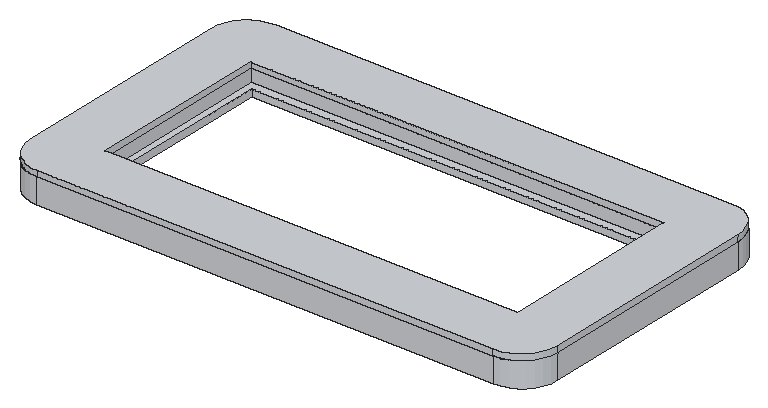
Revit family "Gira_1002411", category Electrical Fixtures, host Face, Revit 2017
Family settings
  Host = Face
  Maintain Annotation Orientation = No
  Round Connector Dimension = Use Diameter
  Part Type = Normal
  Cut with Voids When Loaded = No
  Shared = No
  Room Calculation Point = No
Parameters (values of type "Cov.fr. 2-g w/o cb Gira E3 light grey/p.white")
  URL = "http://katalog.gira.de/en/datenblatt.html?artikelnr=1002411"
  Transparent = "No"
  Name = "Cov.fr. 2-g w/o cb Gira E3 light grey/p.white"
  Manufacturer URL = "https://www.gira.de/"
  Manufacturer = "Gira"
  Keynote = ""
  HeinzeBIM = "https://bimportal.heinze.de/bim/cov-fr-2-g-w-o-cb-gira-e3-light-grey-p-white/93caffdeb144a2ca40f6d443c7aeab0617e39697"
  HAN = "1002411"
  GTIN = "4010337023821"
  Description = "Cov.fr.2g w o cb E3 LgyRw,Gira E3 cover frame,light grey soft touch with pure white glossy intermediate frame,2-gang without crossbar,Features:,- Shatter-proof.,,Notes :,- Soft-touch surface,- NCS value: approx. NCS S-2000 N"
  Default Elevation = 1219.2 mm
  Data sheet (1) = "https://katalog.gira.de/en/download.html?artikelnr=1002411"
  Category = "Cover frame for domestic switching devices"
  BIM (1) = "https://media.stage.bim.site/public/gira/36a6b08/E3_Rahmen_2fach o.Mittelsteg.rfa?public/gira/36a6b08/E3_Rahmen_2fach o.Mittelsteg.rfa"
  Available = "No"
Reference planes
  plane 1 "Center (Front/Back)": y = 0
  plane 2: z = 0
  plane 3 "Center (Left/Right)": x = 0
Forms (mm)
  Extrusion 1, solid
    sketch origin (0, 0, 0) x (1, 0, 0) y (0, 1, 0)
      loop
        arc (-70.233, 45.809) -> (-78.018, 42.585) -> (-81.243, 34.8) r 11.009
        line (-81.243, 34.8) -> (-81.243, -34.8)
        arc (-81.243, -34.8) -> (-78.018, -42.585) -> (-70.233, -45.809) r 11.009
        line (-70.233, -45.809) -> (70.233, -45.809)
        arc (70.233, -45.809) -> (78.018, -42.585) -> (81.243, -34.8) r 11.009
        line (81.243, -34.8) -> (81.243, 34.8)
        arc (81.243, 34.8) -> (78.018, 42.585) -> (70.233, 45.809) r 11.009
        line (70.233, 45.809) -> (-70.233, 45.809)
      loop
        line (63.62, 28.156) -> (-63.62, 28.156) -> (-63.62, -28.156) -> (63.62, -28.156) -> (63.62, 28.156)
    from 7.65 to 9.5
  Extrusion 2, solid
    sketch origin (0, 0, 0) x (1, 0, 0) y (0, 1, 0)
      loop
        line (61.452, 25.7) -> (-61.448, 25.7) -> (-61.448, -25.7) -> (61.452, -25.7) -> (61.452, 25.7)
      loop
        line (-63.935, -28.156) -> (63.939, -28.156) -> (63.939, 28.156) -> (-63.935, 28.156) -> (-63.935, -28.156)
    from 1.65 to 3.9
  Extrusion 3, solid
    sketch origin (0, 0, 0) x (1, 0, 0) y (0, 1, 0)
      loop
        arc (-70.346, 45.809) -> (-78.131, 42.585) -> (-81.355, 34.8) r 11.009
        line (-81.355, 34.8) -> (-81.355, -34.8)
        arc (-81.355, -34.8) -> (-78.131, -42.585) -> (-70.346, -45.809) r 11.009
        line (-70.346, -45.809) -> (70.35, -45.809)
        arc (70.35, -45.809) -> (78.134, -42.585) -> (81.359, -34.8) r 11.009
        line (81.359, -34.8) -> (81.359, 34.8)
        arc (81.359, 34.8) -> (78.134, 42.585) -> (70.35, 45.809) r 11.009
        line (70.35, 45.809) -> (-70.346, 45.809)
      loop
        line (-79.389, 34.785) -> (-79.389, -34.785)
        arc (-79.389, -34.785) -> (-76.736, -41.19) -> (-70.331, -43.843) r 9.058
        line (-70.331, -43.843) -> (70.334, -43.843)
        arc (70.334, -43.843) -> (76.74, -41.19) -> (79.393, -34.785) r 9.058
        line (79.393, -34.785) -> (79.393, 34.785)
        arc (79.393, 34.785) -> (76.74, 41.19) -> (70.334, 43.843) r 9.058
        line (70.334, 43.843) -> (-70.331, 43.843)
        arc (-70.331, 43.843) -> (-76.736, 41.19) -> (-79.389, 34.785) r 9.058
    from 0 to 7.65
  Extrusion 4, solid
    sketch origin (0, 0, 0) x (1, 0, 0) y (0, 1, 0)
      loop
        line (-67.501, -39.8) -> (67.505, -39.8)
        arc (67.505, -39.8) -> (73.119, -36.708) -> (75.352, -30.7) r 9.2
        line (75.352, -30.7) -> (75.352, 30.7)
        arc (75.352, 30.7) -> (72.657, 37.205) -> (66.152, 39.9) r 9.2
        line (66.152, 39.9) -> (-66.148, 39.9)
        arc (-66.148, 39.9) -> (-72.653, 37.205) -> (-75.348, 30.7) r 9.2
        line (-75.348, 30.7) -> (-75.348, -30.7)
        arc (-75.348, -30.7) -> (-73.115, -36.708) -> (-67.501, -39.8) r 9.2
      loop
        line (-66.148, -31.7) -> (66.152, -31.7)
        arc (66.152, -31.7) -> (66.859, -31.407) -> (67.152, -30.7) r 1
        line (67.152, -30.7) -> (67.152, 30.7)
        arc (67.152, 30.7) -> (66.859, 31.407) -> (66.152, 31.7) r 1
        line (66.152, 31.7) -> (-66.148, 31.7)
        arc (-66.148, 31.7) -> (-66.855, 31.407) -> (-67.148, 30.7) r 1
        line (-67.148, 30.7) -> (-67.148, -30.7)
        arc (-67.148, -30.7) -> (-66.855, -31.407) -> (-66.148, -31.7) r 1
    from 1.65 to 3.9
  Extrusion 5, solid
    sketch origin (0, 0, 0) x (1, 0, 0) y (0, 1, 0)
      loop
        line (-63.62, 28.156) -> (-63.62, -28.156) -> (63.62, -28.156) -> (63.62, 28.156) -> (-63.62, 28.156)
      loop
        line (-66.692, 27.327) -> (-66.692, -27.327)
        arc (-66.692, -27.327) -> (-65.601, -29.977) -> (-62.954, -31.075) r 3.739
        line (-62.954, -31.075) -> (62.958, -31.075)
        arc (62.958, -31.075) -> (65.601, -29.98) -> (66.696, -27.337) r 3.739
        line (66.696, -27.337) -> (66.696, 27.337)
        arc (66.696, 27.337) -> (65.601, 29.98) -> (62.958, 31.075) r 3.739
        line (62.958, 31.075) -> (-62.954, 31.075)
        arc (-62.954, 31.075) -> (-65.601, 29.977) -> (-66.692, 27.327) r 3.739
    from 1.65 to 7.65
  Extrusion 6, solid, detail levels coarse+medium
    sketch origin (0, 0, 0) x (1, 0, 0) y (0, 1, 0)
      loop
        line (-81.355, 45.809) -> (-81.355, -45.809) -> (81.359, -45.809) -> (81.359, 45.809) -> (-81.355, 45.809)
    from 0 to 9.5
Dimensions and locks
  aligned and locked: plane 2 to host face
  aligned and locked: level to host face
